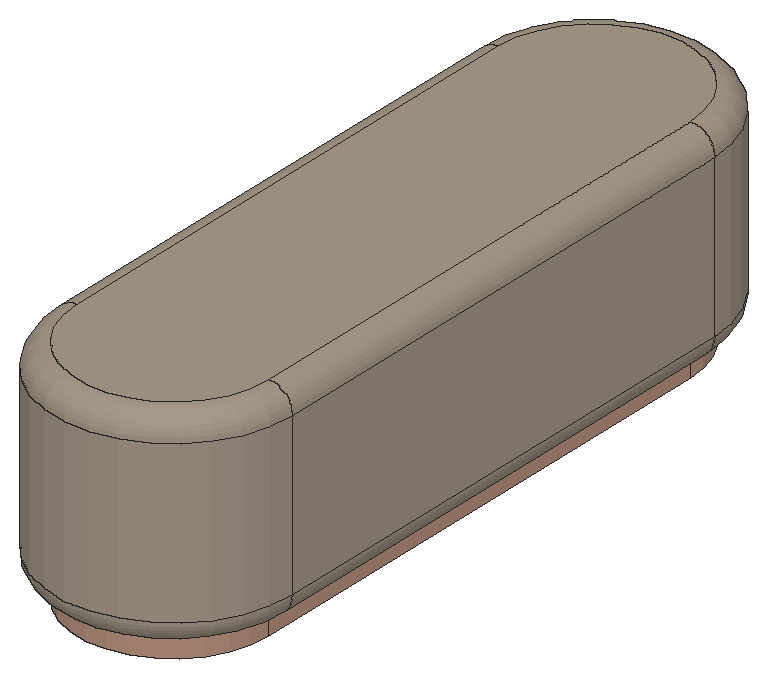
Revit family "Furniture_Chair_Tablet 8.6", category Furniture, Revit 2019
Family settings
  OmniClass Number = 23.21.23.15.17
  Work Plane-Based = Yes
  Always vertical = No
  Cut with Voids When Loaded = No
  Shared = No
  Room Calculation Point = No
Parameters (values of type "TABLET 8.6")
  Youtube clip = ""
  Uniformat II Description = "Movable Furnishings"
  Uniformat II Code = ""
  Uniclass 2015 Name = ""
  Uniclass 2015 Code = ""
  Uniclass 2.0 Description = ""
  Uniclass 2.0 Code = ""
  Uniclass 1.4 Description = ""
  Uniclass 1.4 Code = ""
  UNSPSC Code = ""
  Technical description = ""
  Shell Material = Leather - Almond CPC10
  Frame Material = Wood - 1037 Sunny Yellow
  Region South America = "All"
  Region Oceania = "All"
  Region North America = "All"
  Region Middle East = "All"
  Region Europe = "All"
  Region Asia = "All"
  Region Antarctica = "All"
  Region Africa = "All"
  QR code = "https://www.sandlerseating.com/product/tablet-8-6/"
  Product url = "https://www.sandlerseating.com/product/tablet-8-6/"
  Product name = "TABLET 8.6"
  Product group = "Chair"
  Product family = "Furniture"
  Product data url = "https://www.sandlerseating.com/product/tablet-8-6/"
  Product certification = ""
  Product SKU = "??"
  Product Guid = "??"
  OmniClass Description = ""
  OmniClass Code = "23-21 23 15 17"
  NBS Reference Description = ""
  NBS Reference Code = ""
  Model = "TABLET 8.6"
  Masterformat 2014 Description = "Chair Mats"
  Masterformat 2014 Code = "12 48 43.13"
  Manufacturer name = "Sandler"
  Manufacturer country = "USA"
  Manufacturer = "Sandler"
  Installation instructions = ""
  IFC Classification = "Furnishing Element"
  GTIN code = ""
  Edition number = 1
  Design country = "Brasil"
  Description = "Chair"
  Default Elevation = 0.000 mm
  Date of publishing = ""
  COBIe Type Category = ""
  Brand url = "https://www.sandlerseating.com/"
  BIMobject main category code = "furniture"
  BIMobject main category = "Furniture"
  BIMobject category code = "furniture-chair"
  BIMobject category = "Chair"
Reference planes
  plane 1 "Center Front/Back": x = 0
  plane 2: z = 0
  plane 3 "Center Left/Right": x = 0
  plane 4: z = 480
  plane 5: z = 45
Forms (mm)
  Extrusion 1, solid, material "Leather - Almond CPC10" <- "Shell Material"
    sketch origin (0, 0, 800) x (0, -1, 0) y (1, 0, 0)
      loop
        arc (550.2, -250) -> (800.2, 0) -> (550.2, 250) r 250
        line (550.2, 250) -> (-550.2, 250)
        arc (-550.2, 250) -> (-800.2, 0) -> (-550.2, -250) r 250
        line (-550.2, -250) -> (550.2, -250)
    from -755 to -320
  Extrusion 2, solid, material "Wood - 1037 Sunny Yellow" <- "Frame Material"
    sketch origin (0, 0, 800) x (0, -1, 0) y (1, 0, 0)
      loop
        arc (550.2, -200) -> (750.2, 0) -> (550.2, 200) r 200
        line (550.2, 200) -> (-550.2, 200)
        arc (-550.2, 200) -> (-750.2, 0) -> (-550.2, -200) r 200
        line (-550.2, -200) -> (550.2, -200)
    from -800 to -755
  Sweep 3, void
    path in 3D
      loop
        arc (-250, -550.2, 480) -> (0, -800.2, 480) -> (250, -550.2, 480) r 250
        line (250, -550.2, 480) -> (250, 550.2, 480)
        arc (250, 550.2, 480) -> (0, 800.2, 480) -> (-250, 550.2, 480) r 250
        line (-250, 550.2, 480) -> (-250, -550.2, 480)
    profile origin (-250, 0, 480) x (1, 0, 0) y (0, 0, 1)
      loop
        line (0, 0) -> (0, -50)
        arc (0, -50) -> (14.645, -14.645) -> (50, 0) r 50
        line (50, 0) -> (0, 0)
      loop
        line (0, -435) -> (50, -435)
        arc (50, -435) -> (14.645, -420.355) -> (0, -385) r 50
        line (0, -385) -> (0, -435)
Cuts and joins
  Sweep 3 cuts Extrusion 1
Lines and regions (mm)
  sketch lines
    curve 1: line (-250, 550.2, 480) -> (-250, -550.2, 480)
    curve 2: arc (-250, 550.2, 480) -> (0, 800.2, 480) -> (250, 550.2, 480) r 250
    curve 3: line (250, -550.2, 480) -> (250, 550.2, 480)
    curve 4: arc (250, -550.2, 480) -> (0, -800.2, 480) -> (-250, -550.2, 480) r 250
Dimensions and locks
  aligned and locked: level to plane 2
